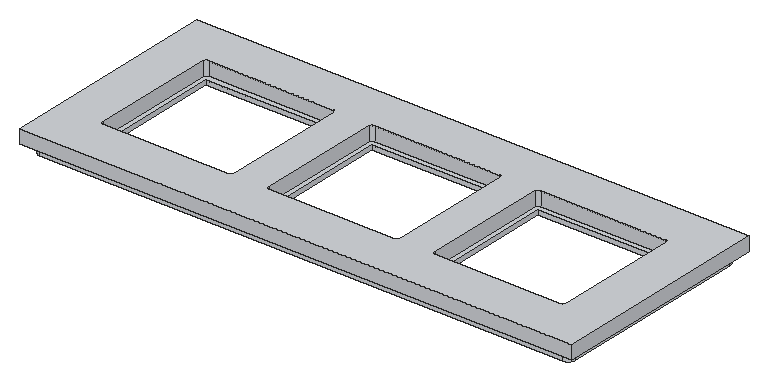
Revit family "Gira_021312", category Electrical Fixtures, host Face, Revit 2017
Family settings
  Host = Face
  Maintain Annotation Orientation = No
  Round Connector Dimension = Use Diameter
  Part Type = Normal
  Cut with Voids When Loaded = No
  Shared = No
  Room Calculation Point = No
Parameters (values of type "Cov.fr. 3-g Gira Esprit white gl.")
  With mounting grid = "No"
  With hinged lid = "No"
  URL = "http://katalog.gira.de/en/datenblatt.html?artikelnr=021312"
  Type of fastening = "Clamp mounting"
  Transparent = "No"
  Surface protection = "Other"
  Suitable for wall duct = "No"
  Suitable for flush-mounted installation = "Yes"
  Suitable for floor box = "No"
  Suitable for built-in installation = "No"
  Number of units vertical = "3"
  Number of units horizontal = "3"
  Number of units = "3"
  Name = "Cov.fr. 3-g Gira Esprit white gl."
  Mounting direction = "Horizontal and vertical"
  Material quality = "Real glass"
  Material = "Glass"
  Manufacturer URL = "https://www.gira.de/"
  Manufacturer = "Gira"
  Label space/information surface = "No"
  Keynote = ""
  HeinzeBIM = "https://bimportal.heinze.de/bim/cov-fr-3-g-gira-esprit-white-gl-/92f3a74d291064cfb2ca2165d5a69091c97a4bdd"
  Halogen free = "No"
  HAN = "021312"
  GTIN = "4010337213123"
  Description = "Cov.fr.3g Espr. GWh,Gira Esprit cover frame,white glass,3-gang,"
  Degree of protection (IP) = "IP20"
  Default Elevation = 1219.2 mm
  Data sheet (1) = "https://katalog.gira.de/en/download.html?artikelnr=021312"
  Colour = "White"
  Category = "Cover frame for domestic switching devices"
  BIM (1) = "https://media.stage.bim.site/public/gira/36a6b08/Espr._Rahmen_3fach.rfa"
  Available = "No"
Reference planes
  plane 1 "Center (Front/Back)": y = 0
  plane 2: z = 0
  plane 3 "Center (Left/Right)": x = 0
Forms (mm)
  Extrusion 1, solid, detail levels fine
    sketch origin (0, 0, 0) x (1, 0, 0) y (0, 1, 0)
      loop
        line (-118.4, 47.5) -> (-118.4, -47.5) -> (118.4, -47.5) -> (118.4, 47.5) -> (-118.4, 47.5)
      loop
        arc (-99.5, -26.7) -> (-99.061, -27.761) -> (-98, -28.2) r 1.5
        line (-98, -28.2) -> (-44.6, -28.2)
        arc (-44.6, -28.2) -> (-43.539, -27.761) -> (-43.1, -26.7) r 1.5
        line (-43.1, -26.7) -> (-43.1, 26.7)
        arc (-43.1, 26.7) -> (-43.539, 27.761) -> (-44.6, 28.2) r 1.5
        line (-44.6, 28.2) -> (-98, 28.2)
        arc (-98, 28.2) -> (-99.061, 27.761) -> (-99.5, 26.7) r 1.5
        line (-99.5, 26.7) -> (-99.5, -26.7)
      loop
        arc (-28.2, -26.7) -> (-27.761, -27.761) -> (-26.7, -28.2) r 1.5
        line (-26.7, -28.2) -> (26.7, -28.2)
        arc (26.7, -28.2) -> (27.761, -27.761) -> (28.2, -26.7) r 1.5
        line (28.2, -26.7) -> (28.2, 26.7)
        arc (28.2, 26.7) -> (27.761, 27.761) -> (26.7, 28.2) r 1.5
        line (26.7, 28.2) -> (-26.7, 28.2)
        arc (-26.7, 28.2) -> (-27.761, 27.761) -> (-28.2, 26.7) r 1.5
        line (-28.2, 26.7) -> (-28.2, -26.7)
      loop
        arc (43.1, -26.7) -> (43.539, -27.761) -> (44.6, -28.2) r 1.5
        line (44.6, -28.2) -> (98, -28.2)
        arc (98, -28.2) -> (99.061, -27.761) -> (99.5, -26.7) r 1.5
        line (99.5, -26.7) -> (99.5, 26.7)
        arc (99.5, 26.7) -> (99.061, 27.761) -> (98, 28.2) r 1.5
        line (98, 28.2) -> (44.6, 28.2)
        arc (44.6, 28.2) -> (43.539, 27.761) -> (43.1, 26.7) r 1.5
        line (43.1, 26.7) -> (43.1, -26.7)
    from 0 to 6
  Extrusion 2, solid, detail levels fine
    sketch origin (0, 0, 0) x (1, 0, 0) y (0, 1, 0)
      loop
        line (-97.2, -25.7) -> (-45.4, -25.7) -> (-45.4, 25.7) -> (-97.2, 25.7) -> (-97.2, -25.7)
      loop
        line (97.2, 25.7) -> (45.4, 25.7) -> (45.4, -25.7) -> (97.2, -25.7) -> (97.2, 25.7)
      loop
        arc (-114.002, -41.3) -> (-113.474, -42.573) -> (-112.202, -43.1) r 1.8
        line (-112.202, -43.1) -> (112.202, -43.1)
        arc (112.202, -43.1) -> (113.474, -42.573) -> (114.002, -41.3) r 1.8
        line (114.002, -41.3) -> (114.002, 41.3)
        arc (114.002, 41.3) -> (113.474, 42.573) -> (112.202, 43.1) r 1.8
        line (112.202, 43.1) -> (-112.202, 43.1)
        arc (-112.202, 43.1) -> (-113.474, 42.573) -> (-114.002, 41.3) r 1.8
        line (-114.002, 41.3) -> (-114.002, -41.3)
      loop
        line (25.9, 25.7) -> (-25.9, 25.7) -> (-25.9, -25.7) -> (25.9, -25.7) -> (25.9, 25.7)
    from -1.9 to 0
  Extrusion 3, solid, detail levels fine
    sketch origin (0, 0, 0) x (1, 0, 0) y (0, 1, 0)
      loop
        arc (-112.3, 44.4) -> (-114.421, 43.521) -> (-115.3, 41.4) r 3
        line (-115.3, 41.4) -> (-115.3, -41.4)
        arc (-115.3, -41.4) -> (-114.421, -43.521) -> (-112.3, -44.4) r 3
        line (-112.3, -44.4) -> (112.3, -44.4)
        arc (112.3, -44.4) -> (114.421, -43.521) -> (115.3, -41.4) r 3
        line (115.3, -41.4) -> (115.3, 41.4)
        arc (115.3, 41.4) -> (114.421, 43.521) -> (112.3, 44.4) r 3
        line (112.3, 44.4) -> (-112.3, 44.4)
      loop
        arc (-114.1, -41.4) -> (-113.573, -42.673) -> (-112.3, -43.2) r 1.8
        line (-112.3, -43.2) -> (112.3, -43.2)
        arc (112.3, -43.2) -> (113.573, -42.673) -> (114.1, -41.4) r 1.8
        line (114.1, -41.4) -> (114.1, 41.4)
        arc (114.1, 41.4) -> (113.573, 42.673) -> (112.3, 43.2) r 1.8
        line (112.3, 43.2) -> (-112.3, 43.2)
        arc (-112.3, 43.2) -> (-113.573, 42.673) -> (-114.1, 41.4) r 1.8
        line (-114.1, 41.4) -> (-114.1, -41.4)
    from -3.7 to 0
  Extrusion 4, solid, detail levels medium
    sketch origin (0, 0, 0) x (1, 0, 0) y (0, 1, 0)
      loop
        line (-118.4, 47.5) -> (-118.4, -47.5) -> (118.4, -47.5) -> (118.4, 47.5) -> (-118.4, 47.5)
    from 0 to 6
  Extrusion 5, solid, detail levels medium
    sketch origin (0, 0, 0) x (1, 0, 0) y (0, 1, 0)
      loop
        line (-115.3, 44.4) -> (-115.3, -44.4) -> (115.3, -44.4) -> (115.3, 44.4) -> (-115.3, 44.4)
    from -3.7 to 0
  Extrusion 6, solid, detail levels coarse
    sketch origin (0, 0, 0) x (1, 0, 0) y (0, 1, 0)
      loop
        line (-118.4, 47.5) -> (-118.4, -47.5) -> (118.4, -47.5) -> (118.4, 47.5) -> (-118.4, 47.5)
    from -3.7 to 6
Dimensions and locks
  aligned and locked: plane 2 to host face
  aligned and locked: level to host face
